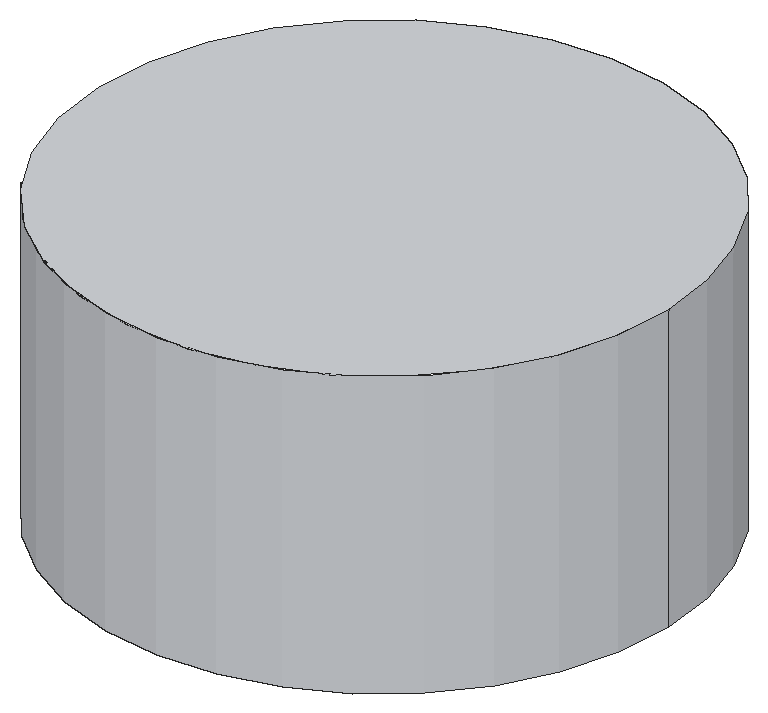
Revit family "ASF-4-C4", category Mechanical Equipment, Revit 2023
Family settings
  Round Connector Dimension = Use Diameter
  Classification = None
  Part Type = Normal
  OmniClass Number = 23.75.00.00
  OmniClass Title = Climate Control (HVAC)
  Work Plane-Based = No
  Always vertical = Yes
  Cut with Voids When Loaded = No
  Maintain Annotation Orientation = No
  Shared = No
  Room Calculation Point = No
Parameters (values of type "Standard")
  Default Elevation = 0' - 0"
  Connector_1_Diameter = 0' - 3 3/4"
Reference planes (in)
  plane 1 "Center (Front/Back)": y = 0
  plane 2: z = 0
  plane 3 "Center (Left/Right)": x = 0
Forms (in)
  Extrusion 1, solid
    sketch origin (0, 0, -11.73464) x (1, 0, 0) y (0, 1, 0)
      loop
        circle (0, 0) r 0.12
    from 0 to -0.12
Dimensions and locks (in)
  aligned and locked: plane 2 to level
Connectors (in)
  hvac at (0, 0, -11.73464), driven by "Connector_1_Diameter"
    settings: on Extrusion 1, index 1, duct flow 0 CFM, flow factor 0, pres drop 0.00 in-wg, loss coef 0, conn angle 0.00°, conn width 12", conn height 12", conn diameter 3 3/4", duct sys type 3, conn prof type 0, flow config 1, flow direction 1, loss method 0, conn ref index -1, conn util no, is conn primary yes, conn desc ""
